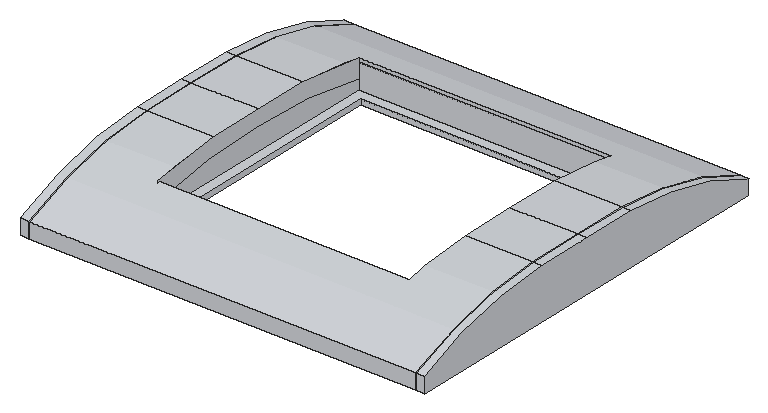
Revit family "Gira_0211723", category Electrical Fixtures, host Face, Revit 2017
Family settings
  Host = Face
  Maintain Annotation Orientation = No
  Round Connector Dimension = Use Diameter
  Part Type = Normal
  Cut with Voids When Loaded = No
  Shared = No
  Room Calculation Point = No
Parameters (values of type "Abdeckrahmen 1f Zwischenr. RW Gira Event Klar Weiß")
  Werkstoffgüte = "Thermoplast"
  Werkstoff = "Kunststoff"
  URL = "http://katalog.gira.de/de_DE/datenblatt.html?artikelnr=0211723"
  Transparent = "No"
  Textfeld/Beschriftungsfläche = "No"
  Schutzart (IP) = "IP20"
  Region = "DE"
  Oberfläche = "sonstige"
  Name = "Abdeckrahmen 1f Zwischenr. RW Gira Event Klar Weiß"
  Montagerichtung = "horizontal und vertikal"
  Mit Montagerahmen = "No"
  Mit Klappdeckel = "No"
  Manufacturer URL = "https://www.gira.de/"
  Keynote = "Event_Rahmen_1fach"
  HeinzeBIM = "https://bimportal.heinze.de/bim/abdeckrahmen-1f-zwischenr-rw-gira-event-klar-weiss/cc421ea75922507c5d23163375de311fd724a2b3"
  Halogenfrei = "Yes"
  HAN = "0211723"
  Geeignet für Unterputz-Installation = "Yes"
  Geeignet für Unterflurkanaldose = "No"
  Geeignet für Geräteeinbaukanal = "No"
  Geeignet für Einbauinstallation = "No"
  GTIN = "4010337068655"
  Farbe = "weiß"
  Default Elevation = 1219.2 mm
  Data sheet (1) = "https://katalog.gira.de/de_DE/download.html?artikelnr=0211723"
  Category = "Abdeckrahmen"
  Befestigungsart = "Klemmbefestigung"
  Available = "Yes"
  Anzahl der Einheiten vertikal = "1 "
  Anzahl der Einheiten horizontal = "1 "
  Anzahl der Einheiten = "1 "
Reference planes
  plane 1 "Center (Front/Back)": y = 0
  plane 2: z = 0
  plane 3 "Center (Left/Right)": x = 0
Forms (mm)
  Extrusion 1, solid, detail levels fine
    sketch origin (0, 0, 1.55) x (0, 1, 0) y (0, 0, 1)
      loop
        arc (12.445, 9.683) -> (6.223, 9.833) -> (0, 9.85) r 291.636
        arc (0, 9.85) -> (-6.223, 9.833) -> (-12.445, 9.683) r 291.636
        arc (-12.445, 9.683) -> (-29.14, 7.482) -> (-45, 1.823) r 79.728
        line (-45, 1.823) -> (-45, -1.55) -> (-41.777, -1.55) -> (-41.777, -0.55)
        arc (-41.777, -0.55) -> (-21.205, 4.846) -> (0, 6.467) r 118.15
        arc (0, 6.467) -> (21.205, 4.846) -> (41.777, -0.55) r 118.15
        line (41.777, -0.55) -> (41.777, -1.55) -> (45, -1.55) -> (45, 1.823)
        arc (45, 1.823) -> (29.14, 7.482) -> (12.445, 9.683) r 79.728
    from -43 to 43
  Extrusion 2, void, detail levels fine
    sketch origin (0, 0, 0) x (1, 0, 0) y (0, 1, 0)
      loop
        line (-28, -28) -> (28, -28) -> (28, 28) -> (-28, 28) -> (-28, -28)
    from 2.85 to 12
  Extrusion 3, solid, detail levels coarse
    sketch origin (0, 0, 0) x (1, 0, 0) y (0, 1, 0)
      loop
        line (-45, 45) -> (-45, -45) -> (45, -45) -> (45, 45) -> (-45, 45)
    from 0 to 11.4
  Extrusion 4, solid, detail levels medium
    sketch origin (0, 0, 1.55) x (0, 1, 0) y (0, 0, 1)
      loop
        arc (12.445, 9.683) -> (6.223, 9.833) -> (0, 9.85) r 291.636
        arc (0, 9.85) -> (-6.223, 9.833) -> (-12.445, 9.683) r 291.636
        arc (-12.445, 9.683) -> (-29.14, 7.482) -> (-45, 1.823) r 79.728
        line (-45, 1.823) -> (-45, -1.55) -> (45, -1.55) -> (45, 1.823)
        arc (45, 1.823) -> (29.14, 7.482) -> (12.445, 9.683) r 79.728
    from -45 to 45
  Extrusion 5, solid, detail levels fine
    sketch origin (0, 0, 0) x (0, 1, 0) y (0, 0, 1)
      loop
        arc (45, 3.373) -> (29.14, 9.032) -> (12.445, 11.233) r 79.728
        arc (12.445, 11.233) -> (6.223, 11.383) -> (0, 11.4) r 291.636
        arc (0, 11.4) -> (-6.223, 11.383) -> (-12.445, 11.233) r 291.636
        arc (-12.445, 11.233) -> (-29.14, 9.032) -> (-45, 3.373) r 79.728
        line (-45, 3.373) -> (-45, 0) -> (45, 0) -> (45, 3.373)
    from 43 to 45
  Extrusion 6, solid, detail levels fine
    sketch origin (0, 0, 0) x (0, 1, 0) y (0, 0, -1)
      loop
        line (45, -3.373) -> (45, 0) -> (-45, 0) -> (-45, -3.373)
        arc (-45, -3.373) -> (-29.14, -9.032) -> (-12.445, -11.233) r 79.728
        arc (-12.445, -11.233) -> (-6.223, -11.383) -> (0, -11.4) r 291.636
        arc (0, -11.4) -> (6.223, -11.383) -> (12.445, -11.233) r 291.636
        arc (12.445, -11.233) -> (29.14, -9.032) -> (45, -3.373) r 79.728
    from 43 to 45
  Extrusion 7, solid, detail levels fine
    sketch origin (0, 0, 0) x (1, 0, 0) y (0, 1, 0)
      loop
        line (-25.7, 25.7) -> (-25.7, -25.7) -> (25.7, -25.7) -> (25.7, 25.7) -> (-25.7, 25.7)
      loop
        line (-29.495, 27.895) -> (-29.495, -27.895)
        spline (-29.495, -27.895) -> (-29.486, -28.025) -> (-29.461, -28.154) -> (-29.419, -28.278) -> (-29.361, -28.395) -> (-29.288, -28.504) -> (-29.202, -28.602) -> (-29.104, -28.688) -> (-28.995, -28.761) -> (-28.878, -28.819) -> (-28.754, -28.861) -> (-28.625, -28.886) -> (-28.495, -28.895)
        line (-28.495, -28.895) -> (28.495, -28.895)
        spline (28.495, -28.895) -> (28.625, -28.886) -> (28.754, -28.861) -> (28.878, -28.819) -> (28.995, -28.761) -> (29.104, -28.688) -> (29.202, -28.602) -> (29.288, -28.504) -> (29.361, -28.395) -> (29.419, -28.278) -> (29.461, -28.154) -> (29.486, -28.025) -> (29.495, -27.895)
        line (29.495, -27.895) -> (29.495, 27.895)
        spline (29.495, 27.895) -> (29.486, 28.025) -> (29.461, 28.154) -> (29.419, 28.278) -> (29.361, 28.395) -> (29.288, 28.504) -> (29.202, 28.602) -> (29.104, 28.688) -> (28.995, 28.761) -> (28.878, 28.819) -> (28.754, 28.861) -> (28.625, 28.886) -> (28.495, 28.895)
        line (28.495, 28.895) -> (-28.495, 28.895)
        spline (-28.495, 28.895) -> (-28.625, 28.886) -> (-28.754, 28.861) -> (-28.878, 28.819) -> (-28.995, 28.761) -> (-29.104, 28.688) -> (-29.202, 28.602) -> (-29.288, 28.504) -> (-29.361, 28.395) -> (-29.419, 28.278) -> (-29.461, 28.154) -> (-29.486, 28.025) -> (-29.495, 27.895)
    from 1.673 to 8.5
Cuts and joins
  Extrusion 2 cuts Extrusion 1
  Extrusion 2 cuts Extrusion 7
Dimensions and locks
  aligned and locked: plane 2 to host face
  aligned and locked: level to host face
